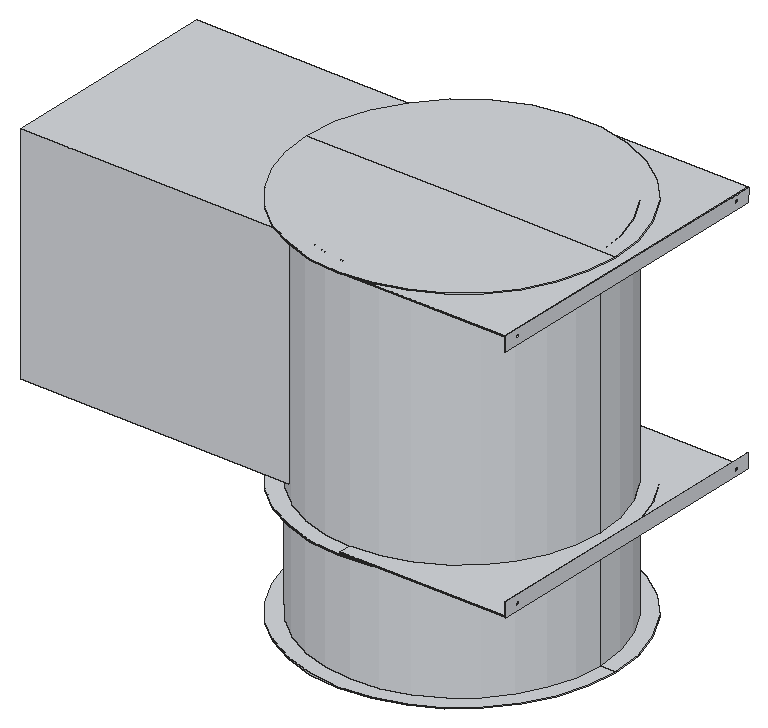
Revit family "AFBV-H_Vertical_Wall_Mount", category Mechanical Equipment, Revit 2019
Family settings
  Round Connector Dimension = Use Radius
  Part Type = Normal
  Work Plane-Based = No
  Always vertical = Yes
  Cut with Voids When Loaded = No
  Shared = No
  Room Calculation Point = No
Parameters (values of type "36_AFBV-H_VERT_WALL")
  VANE = 1' - 4"
  Unit Weight [instance] = ""
  P/2 = P / 2  # 0' - 0 9/32"
  P = 0' - 0 9/16"  # constant formula
  N = 1' - 6 5/16"
  ModelID [instance] = ""
  M/2 = M / 2  # 1' - 8 5/16"
  M = 3' - 4 5/8"
  L = 0' - 0 15/16"
  K/2 = K / 2  # 1' - 4 1/16"
  K = 2' - 8 1/8"
  J-.125" = J - 0' 0 1/8"  # 1' - 10"
  J-(C/2) = J - (C / 2)  # 0' - 2 5/8"
  J = 1' - 10 1/8"
  H-(A/2) = H - (A / 2)  # 2' - 4 3/4"
  H+J = H + J  # 5' - 9 3/8"
  H = 3' - 11 1/4"
  Sones [instance] = ""
  Motor RPM [instance] = ""
  Motor Enclosure [instance] = ""
  LwA [instance] = ""
  G = 6' - 0"
  Fan RPM [instance] = ""
  F/2 = F / 2  # 0' - 0 7/32"
  F = 0' - 0 7/16"
  E/2 = E / 2  # 1' - 5"
  E-2" = -(E - 0' 2")  # -2' - 8"
  E = 2' - 10"
  C/2+J = C / 2 + J  # 3' - 5 5/8"
  C/2 = C / 2  # 1' - 7 1/2"
  C = 3' - 3"
  B/2 = B / 2  # 1' - 8 11/16"
  B = 3' - 5 3/8"
  Accessories [instance] = ""
  A/3 = A / 2.5  # 1' - 2.8"
  A/2 = A / 2  # 1' - 6 1/2"
  A = 3' - 1"
  60 = 60.00°  # constant formula
  30 = 30.00°  # constant formula
  3" = 0' - 3"  # constant formula
  Brake Hp [instance] = ""
  4" = 0' - 4"  # constant formula
  2L = 2 * L  # 0' - 1 7/8"
  2' = 2' - 0"
  2" = 0' - 2"  # constant formula
  1" = 0' - 1"  # constant formula
  0 = 0' - 0"  # constant formula
  Voltage [instance] = 0 V
  URL = "www.lorencook.com"
  Type Comments = "Tube Axial Fan Vertical Wall Mount High Temperature Construction Belt Drive Arrangement 9"  # constant formula
  Static Pressure [instance] = 0.00 in-wg
  Power [instance] = Voltage * Motor FLA * sqrt(if(Phase = 3, 3, 1))  # 0 VA
  Phase [instance] = 0
  Number of Poles [instance] = 1
  Motor Hp [instance] = "0"
  Motor FLA [instance] = 0 A
  Model = "AFBV-H"  # constant formula
  Manufacturer = "Loren Cook Company"
  CFM [instance] = 0 CFM
  1.5 = 0' - 1 1/2"  # constant formula
  ONE EIGTH = 0' - 0 1/8"  # constant formula
  -E/2 = -E / 2  # -1' - 5"
  -(E-.25")/2 = -(E - 0' 0 1/4") / 2  # -1' - 4 7/8"
  (H-(A/2))/2 = (H - (A / 2)) / 2  # 1' - 2 3/8"
  (E-.25")/2 = (E - 0' 0 1/4") / 2  # 1' - 4 7/8"
  (A+.25")/2 = (A + 0' 0 1/4") / 2  # 1' - 6 5/8"
Types (10): name | VANE | N | M/2 | M | K/2 | K | J-.125" | J-(C/2) | J | H-(A/2) | H+J | H | F/2 | F | E/2 | E-2" | E | C/2+J | C/2 | C | B/2 | B | A/3 | A/2 | A | -E/2 | -(E-.25")/2 | (H-(A/2))/2 | (E-.25")/2 | (A+.25")/2
  (no name) | 1' - 4" | 1' - 6 5/16" | 1' - 8 5/16" | 3' - 4 5/8" | 1' - 4 1/16" | 2' - 8 1/8" | 1' - 10" | 0' - 2 5/8" | 1' - 10 1/8" | 2' - 4 3/4" | 5' - 9 3/8" | 3' - 11 1/4" | 0' - 0 7/32" | 0' - 0 7/16" | 1' - 5" | -2' - 8" | 2' - 10" | 3' - 5 5/8" | 1' - 7 1/2" | 3' - 3" | 1' - 8 11/16" | 3' - 5 3/8" | 1' - 2.8" | 1' - 6 1/2" | 3' - 1" | -1' - 5" | -1' - 4 7/8" | 1' - 2 3/8" | 1' - 4 7/8" | 1' - 6 5/8"
  12_AFBV-H_VERT_WALL | 0' - 6" | 0' - 6" | 0' - 8" | 1' - 4" | 0' - 10 1/16" | 1' - 8 1/8" | 0' - 9 5/8" | 0' - 2 7/16" | 0' - 9 3/4" | 1' - 6 3/16" | 2' - 10 3/8" | 2' - 0 5/8" | 0' - 0 5/32" | 0' - 0 5/16" | 0' - 11" | -1' - 8" | 1' - 10" | 1' - 5 1/16" | 0' - 7 5/16" | 1' - 2 5/8" | 0' - 7 13/16" | 1' - 3 5/8" | 0' - 5.15" | 0' - 6 7/16" | 1' - 0 7/8" | -0' - 11" | -0' - 10 7/8" | 0' - 9 3/32" | 0' - 10 7/8" | 0' - 6 9/16"
  16_AFBV-H_VERT_WALL | 0' - 10" | 0' - 8" | 0' - 10" | 1' - 8" | 0' - 11 9/16" | 1' - 11 1/8" | 0' - 11 5/8" | 0' - 2 7/16" | 0' - 11 3/4" | 1' - 9 11/16" | 3' - 5 7/8" | 2' - 6 1/8" | 0' - 0 5/32" | 0' - 0 5/16" | 1' - 0 1/2" | -1' - 11" | 2' - 1" | 1' - 9 1/16" | 0' - 9 5/16" | 1' - 6 5/8" | 0' - 9 13/16" | 1' - 7 5/8" | 0' - 6 3/4" | 0' - 8 7/16" | 1' - 4 7/8" | -1' - 0 1/2" | -1' - 0 3/8" | 0' - 10 27/32" | 1' - 0 3/8" | 0' - 8 9/16"
  24_AFBV-H_VERT_WALL | 1' - 1" | 1' - 0 1/4" | 1' - 2 1/4" | 2' - 4 1/2" | 1' - 2 9/16" | 2' - 5 1/8" | 1' - 3 7/8" | 0' - 2 9/16" | 1' - 4" | 2' - 3 7/16" | 4' - 7 7/8" | 3' - 3 7/8" | 0' - 0 7/32" | 0' - 0 7/16" | 1' - 3 1/2" | -2' - 5" | 2' - 7" | 2' - 5 7/16" | 1' - 1 7/16" | 2' - 2 7/8" | 1' - 2 9/16" | 2' - 5 1/8" | 0' - 9.95" | 1' - 0 7/16" | 2' - 0 7/8" | -1' - 3 1/2" | -1' - 3 3/8" | 1' - 1 23/32" | 1' - 3 3/8" | 1' - 0 9/16"
  28_AFBV-H_VERT_WALL | 1' - 1" | 1' - 2 1/4" | 1' - 4 1/4" | 2' - 8 1/2" | 1' - 2 9/16" | 2' - 5 1/8" | 1' - 5 7/8" | 0' - 2 9/16" | 1' - 6" | 2' - 3 7/16" | 4' - 11 7/8" | 3' - 5 7/8" | 0' - 0 7/32" | 0' - 0 7/16" | 1' - 3 1/2" | -2' - 5" | 2' - 7" | 2' - 9 7/16" | 1' - 3 7/16" | 2' - 6 7/8" | 1' - 4 9/16" | 2' - 9 1/8" | 0' - 11.55" | 1' - 2 7/16" | 2' - 4 7/8" | -1' - 3 1/2" | -1' - 3 3/8" | 1' - 1 23/32" | 1' - 3 3/8" | 1' - 2 9/16"
  32_AFBV-H_VERT_WALL | 1' - 3" | 1' - 4 5/16" | 1' - 6 5/16" | 3' - 0 5/8" | 1' - 4 1/16" | 2' - 8 1/8" | 1' - 8" | 0' - 2 5/8" | 1' - 8 1/8" | 2' - 4 3/4" | 5' - 5 3/8" | 3' - 9 1/4" | 0' - 0 7/32" | 0' - 0 7/16" | 1' - 5" | -2' - 8" | 2' - 10" | 3' - 1 5/8" | 1' - 5 1/2" | 2' - 11" | 1' - 6 5/8" | 3' - 1 1/4" | 1' - 1.2" | 1' - 4 1/2" | 2' - 9" | -1' - 5" | -1' - 4 7/8" | 1' - 2 3/8" | 1' - 4 7/8" | 1' - 4 5/8"
  36_AFBV-H_VERT_WALL | 1' - 4" | 1' - 6 5/16" | 1' - 8 5/16" | 3' - 4 5/8" | 1' - 4 1/16" | 2' - 8 1/8" | 1' - 10" | 0' - 2 5/8" | 1' - 10 1/8" | 2' - 4 3/4" | 5' - 9 3/8" | 3' - 11 1/4" | 0' - 0 7/32" | 0' - 0 7/16" | 1' - 5" | -2' - 8" | 2' - 10" | 3' - 5 5/8" | 1' - 7 1/2" | 3' - 3" | 1' - 8 11/16" | 3' - 5 3/8" | 1' - 2.8" | 1' - 6 1/2" | 3' - 1" | -1' - 5" | -1' - 4 7/8" | 1' - 2 3/8" | 1' - 4 7/8" | 1' - 6 5/8"
  18_AFBV-H_VERT_WALL | 0' - 11" | 0' - 9" | 0' - 11" | 1' - 10" | 0' - 11 9/16" | 1' - 11 1/8" | 1' - 0 5/8" | 0' - 2 7/16" | 1' - 0 3/4" | 1' - 9 11/16" | 3' - 7 7/8" | 2' - 7 1/8" | 0' - 0 5/32" | 0' - 0 5/16" | 1' - 0 1/2" | -1' - 11" | 2' - 1" | 1' - 11 1/16" | 0' - 10 5/16" | 1' - 8 5/8" | 0' - 10 13/16" | 1' - 9 5/8" | 0' - 7.55" | 0' - 9 7/16" | 1' - 6 7/8" | -1' - 0 1/2" | -1' - 0 3/8" | 0' - 10 27/32" | 1' - 0 3/8" | 0' - 9 9/16"
  14_AFBV-H_VERT_WALL | 0' - 8" | 0' - 7" | 0' - 9" | 1' - 6" | 0' - 10 1/16" | 1' - 8 1/8" | 0' - 10 5/8" | 0' - 2 7/16" | 0' - 10 3/4" | 1' - 6 3/16" | 3' - 0 3/8" | 2' - 1 5/8" | 0' - 0 5/32" | 0' - 0 5/16" | 0' - 11" | -1' - 8" | 1' - 10" | 1' - 7 1/16" | 0' - 8 5/16" | 1' - 4 5/8" | 0' - 8 13/16" | 1' - 5 5/8" | 0' - 5.95" | 0' - 7 7/16" | 1' - 2 7/8" | -0' - 11" | -0' - 10 7/8" | 0' - 9 3/32" | 0' - 10 7/8" | 0' - 7 9/16"
  20_AFBV-H_VERT_WALL | 1' - 0" | 0' - 10 1/2" | 1' - 0 1/4" | 2' - 0 1/2" | 1' - 2 9/16" | 2' - 5 1/8" | 1' - 1 7/8" | 0' - 2 13/16" | 1' - 2" | 1' - 9 11/16" | 3' - 10 1/8" | 2' - 8 1/8" | 0' - 0 5/32" | 0' - 0 5/16" | 1' - 3 1/2" | -2' - 5" | 2' - 7" | 2' - 1 3/16" | 0' - 11 3/16" | 1' - 10 3/8" | 0' - 11 13/16" | 1' - 11 5/8" | 0' - 8.35" | 0' - 10 7/16" | 1' - 8 7/8" | -1' - 3 1/2" | -1' - 3 3/8" | 0' - 10 27/32" | 1' - 3 3/8" | 0' - 10 9/16"
Reference planes (in)
  plane 1 "Center (Front/Back)": y = 0
  plane 2: z = 0
  plane 3 "Center (Left/Right)": x = 0.40541
Forms (in)
  Revolve 1, solid
    sketch origin (0, 0, 0) x (1, 0, 0) y (0, 0, 1)
      loop
        line (0.40541, -17) -> (21.09291, -17) -> (21.09291, -16.875) -> (19.03041, -16.875) -> (19.03041, 16.875) -> (21.09291, 16.875) -> (21.09291, 17) -> (0.40541, 17) -> (0.40541, -17)
      axis (0.40541, 17) -> (0.40541, -17)
    angle from 0 to 360
  Extrusion 2, solid
    sketch origin (0.40541, 0, 17) x (1, 0, 0) y (0, 1, 0)
      loop
        line (-11.30711, 14.8) -> (-47.25, 14.8) -> (-47.25, -14.8) -> (-11.30711, -14.8)
        arc (-11.30711, -14.8) -> (-18.625, 0) -> (-11.30711, 14.8) r 18.625
    from -32 <- "E-2"" to -2
  Extrusion 3, solid
    sketch origin (0.40541, 0, 0) x (0, 1, 0) y (0, 0, 1)
      loop
        line (-20.3125, 16.875) -> (-20.3125, 15) -> (20.3125, 15) -> (20.3125, 16.875) -> (-20.3125, 16.875)
      loop
        line (20.3125, -15) -> (-20.3125, -15) -> (-20.3125, -16.875) -> (20.3125, -16.875) -> (20.3125, -15)
      loop
        circle (-18.3125, 16.0625) r 0.28125
      loop
        circle (18.3125, 16.0625) r 0.28125
      loop
        circle (18.3125, -16.0625) r 0.28125
      loop
        circle (-18.3125, -16.0625) r 0.28125
    from 22.125 <- "J" to 22 <- "J-.125""
  Extrusion 4, solid
    sketch origin (0.40541, -20.3125, 16.875) x (0, 1, 0) y (-1, 0, 0)
      loop
        line (0, -22) -> (40.625, -22) -> (40.625, 0) -> (38.9375, 0)
        arc (38.9375, 0) -> (20.3125, -18.625) -> (1.6875, 0) r 18.625
        line (1.6875, 0) -> (0, 0) -> (0, -22)
    from 0 to -0.125
  Extrusion 5, solid
    sketch origin (0.40541, -20.3125, -16.875) x (1, 0, 0) y (0, -1, 0)
      loop
        line (0, -38.9375) -> (0, -40.625) -> (22, -40.625) -> (22, 0) -> (0, 0) -> (0, -1.6875)
        arc (0, -1.6875) -> (18.625, -20.3125) -> (0, -38.9375) r 18.625
    from 0 to -0.125
  Revolve 6, solid
    sketch origin (0, 0, 0) x (1, 0, 0) y (0, 0, 1)
      loop
        line (21.09291, -16.875) -> (18.90541, -16.875) -> (18.90541, -32.875) -> (21.09291, -32.875) -> (21.09291, -32.75) -> (19.03041, -32.75) -> (19.03041, -17) -> (21.09291, -17) -> (21.09291, -16.875)
      axis (0.40541, -16.875) -> (0.40541, -32.875)
    angle from 0 to 360
Dimensions and locks (in)
  "0": Revolve 1 sketch curve to plane 3 "Center (Left/Right)"  (x2)
  "E/2": Revolve 1 sketch curve to level
  "ONE EIGTH": Revolve 1 sketch curve to Revolve 1 sketch curve  (x2)
  "(A+.25")/2": Revolve 1 sketch curve to Revolve 1 sketch curve
  "B/2": Revolve 1 sketch curve to Revolve 1 sketch curve
  "E": Revolve 1 sketch curve to Revolve 1 sketch curve
  "B/2": Revolve 1 sketch curve to plane 3 "Center (Left/Right)"
  "A/3": plane 1 "Center (Front/Back)" to Extrusion 2 sketch curve
  "A/3": Extrusion 2 sketch curve to plane 1 "Center (Front/Back)"
  "H": Extrusion 2 sketch curve to plane 3 "Center (Left/Right)"
  "0": Extrusion 2 sketch curve to plane 3 "Center (Left/Right)"
  "0": Extrusion 2 sketch curve to plane 1 "Center (Front/Back)"
  "0": Revolve 1 to Extrusion 3 sketch curve  (x2)
  "M/2": Extrusion 3 sketch curve to plane 1 "Center (Front/Back)"
  "M/2": plane 1 "Center (Front/Back)" to Extrusion 3 sketch curve
  "0": Extrusion 3 sketch curve to Extrusion 3 sketch curve  (x2)
  "2L": Revolve 1 to Extrusion 3 sketch curve
  "2L": Extrusion 3 sketch curve to Revolve 1
  "N": Extrusion 3 sketch curve to plane 1 "Center (Front/Back)"  (x4)
  "K/2": Extrusion 3 sketch curve to level  (x4)
  "0": Extrusion 4 sketch curve to plane 3 "Center (Left/Right)"  (x3)
  "0": Extrusion 4 sketch curve to plane 1 "Center (Front/Back)"
  "0": Extrusion 4 sketch curve to Extrusion 3  (x2)
  "0": Extrusion 3 to Extrusion 4 sketch curve
  "0": Extrusion 5 sketch curve to plane 3 "Center (Left/Right)"  (x3)
  "0": Extrusion 5 sketch curve to Extrusion 4  (x3)
  "0": Extrusion 5 sketch curve to plane 1 "Center (Front/Back)"
  "0": Revolve 6 sketch curve to plane 3 "Center (Left/Right)"
  "(A+.25")/2": Revolve 6 sketch curve to plane 3 "Center (Left/Right)"
  "B/2": Revolve 6 sketch curve to plane 3 "Center (Left/Right)"  (x2)
  "ONE EIGTH": Revolve 6 sketch curve to Revolve 6 sketch curve  (x3)
  "VANE": Revolve 6 sketch curve to Revolve 6 sketch curve
  "0": Extrusion 5 to Revolve 6 sketch curve
  "(A+.25")/2": radius of Extrusion 2 sketch curve
  "P/2": radius of Extrusion 3 sketch curve  (x4)
  "(A+.25")/2": radius of Extrusion 4 sketch curve
  "(A+.25")/2": radius of Extrusion 5 sketch curve
Automatic sketch dimensions
  Revolve 1 sketch curve to level = 0' - 0"
  Revolve 1 sketch curve to Revolve 1 sketch curve = 0' - 2"
  Extrusion 2 sketch curve to Extrusion 2 sketch curve = 0' - 0"
  Revolve 6 sketch curve to Revolve 6 sketch curve = 0' - 8 11/32"
  Revolve 6 sketch curve to Revolve 6 sketch curve = 0' - 0 11/32"
Connectors (in)
  hvac at (0.40541, 0, 17), driven by "A/2"
    settings: on Revolve 1, index 2, duct flow 0 CFM, flow factor 0, pres drop 0.00 in-wg, loss coef 0, conn angle 0.00°, conn width 12", conn height 12", conn diameter 37", duct sys type 29, conn prof type 0, flow config 0, flow direction 1, loss method 0, conn ref index -1, conn util no, is conn primary yes, conn desc ""
  electrical at (-28.87314, -14.8, 0)
    settings: on Extrusion 2, index 3, voltage 0 V, apparent load 0 VA, apparent load phase1 0 VA, apparent load phase2 0 VA, apparent load phase3 0 VA, power factor 1, load classification "Other", number of poles 1, system type 30, power factor state 1, is connector primary yes, connector utility no, sub classification motor no, connector description ""
  hvac at (0.40541, 0, -32.875), driven by "A/2"
    settings: on Revolve 6, index 4, duct flow 0 CFM, flow factor 0, pres drop 0.00 in-wg, loss coef 0, conn angle 0.00°, conn width 12", conn height 12", conn diameter 37", duct sys type 29, conn prof type 0, flow config 0, flow direction 2, loss method 0, conn ref index -1, conn util no, is conn primary no, conn desc ""
